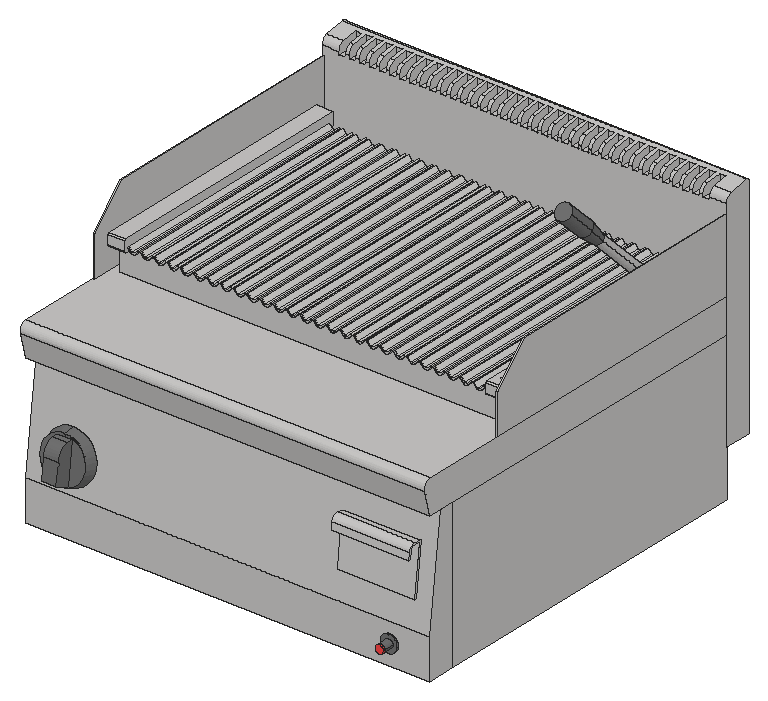
Revit family "QF_GIORIK_LTG6700", category Specialty Equipment, Revit 2014
Parameters (values of type "LTG6700")
  Weight in Pounds = 112.4356
  URL Cutsheet = "www.giorik.com"
  URL = "www.giorik.com"
  Status [instance] = ""
  Specification by User [instance] = ""
  Specification by Manufacturer = ""
  Show Logo [instance] = yes
  Show Clearance [instance] = yes
  Serial Number = ""
  Seismic Rating = ""
  SMACNA No = ""
  Revision Code [instance] = ""
  NAFEM Spec ID Number = ""
  Model = "LTG6700"
  Mechanical Remarks [instance] = "Natural Gas"
  Mechanical Connection Type [instance] = ""
  Masterspec = ""
  Manufacturer = "GIORIK"
  Item Number [instance] = ""
  Installed By [instance] = ""
  Identify Quantity as Lot [instance] = no
  Gas Size = 1"
  Gas RI Height [instance] = 0 mm
  Gas KW = 7.3
  Gas Input = 7300 W
  Gas Connection Height [instance] = 45 mm
  Furnished By [instance] = ""
  Foodservice Equipment Identifier [instance] = yes
  Description = "LAVASTONE GRILLS"
  CSI MasterFormat = ""
  Assembly Code = "E1090320"
Reference planes
  plane 1 "Back": y = 0
  plane 2: z = 0
  plane 3 "Left": x = 0
  plane 4 "Right": x = 600
  plane 5 "Front": y = -600
  plane 6 "Top": z = 430
Forms (mm)
  Extrusion 1, solid
    sketch origin (0, 1000, -580) x (0, 1, 0) y (0, 0, 1)
      loop
        line (-1040.007, 869.975) -> (-1589.445, 869.975)
        arc (-1589.445, 869.975) -> (-1598.171, 865.672) -> (-1600.069, 856.13) r 10.999
        line (-1600.069, 856.13) -> (-1590.388, 820) -> (-1040.007, 820) -> (-1040.007, 869.975)
    from 0 to 600
  Extrusion 2, solid
    sketch origin (0, 0, -560) x (0, 1, 0) y (0, 0, 1)
      loop
        line (-40.007, 800) -> (-550, 800) -> (-550, 580) -> (-40.007, 580) -> (-40.007, 800)
    from 0 to 600
  Extrusion 3, solid
    sketch origin (0, 0, -560) x (0, 1, 0) y (0, 0, 1)
      loop
        line (-550, 800) -> (-570.5, 800) -> (-590, 640) -> (-590, 580) -> (-550, 580) -> (-550, 800)
    from 0 to 600
  Revolve 4, solid
    sketch origin (75.155, -1.544, -560.03) x (0, 1, 0) y (0, 0, 1)
      loop
        line (-598.03, 706.389) -> (-594.27, 737.013) -> (-609.648, 734.852) -> (-613.772, 701.269) -> (-581.482, 697.305) -> (-580.629, 704.252) -> (-598.03, 706.389)
      axis (-581.482, 697.305) -> (-613.772, 701.269)
    angle from 0 to 360
  Extrusion 5, solid
    sketch origin (0, 0, -560) x (0, 1, 0) y (0, 0, 1)
      loop
        line (-40.007, 974.217) -> (-40.007, 650.827) -> (0, 650.827) -> (0, 988.42)
        arc (0, 988.42) -> (-0.57, 989.648) -> (-1.878, 990) r 1.6
        line (-1.878, 990) -> (-31.072, 984.852)
        arc (-31.072, 984.852) -> (-37.477, 981.162) -> (-40.007, 974.217) r 10.797
    from 0 to 600
  Extrusion 6, solid
    sketch origin (-87.831, -1.544, -560.03) x (0, 1, 0) y (0, 0, 1)
      loop
        line (-635.843, 711.553) -> (-639.647, 680.575) -> (-617.415, 671.593) -> (-610.135, 730.882) -> (-617.934, 729.786)
        arc (-617.934, 729.786) -> (-629.982, 723.708) -> (-635.843, 711.553) r 20.998
    from 151.831 to 173.831
  Extrusion 7, solid
    sketch origin (103.819, 0, -561) x (1, 0, 0) y (0, 0, 1)
      loop
        circle (-38.319, 606) r 12.5
    from 20.007 to 40.007
  Extrusion 8, void
    sketch origin (10, 0, 430) x (0, 1, 0) y (-1, 0, 0)
      loop
        line (-40.007, -25) -> (-9.931, -25) -> (-9.931, -15) -> (-40.007, -15) -> (-40.007, -25)
      loop
        line (-40.007, -40) -> (-9.931, -40) -> (-9.931, -30) -> (-40.007, -30) -> (-40.007, -40)
      loop
        line (-40.007, -55) -> (-9.931, -55) -> (-9.931, -45) -> (-40.007, -45) -> (-40.007, -55)
      loop
        line (-40.007, -70) -> (-9.931, -70) -> (-9.931, -60) -> (-40.007, -60) -> (-40.007, -70)
      loop
        line (-40.007, -85) -> (-9.931, -85) -> (-9.931, -75) -> (-40.007, -75) -> (-40.007, -85)
      loop
        line (-40.007, -100) -> (-9.931, -100) -> (-9.931, -90) -> (-40.007, -90) -> (-40.007, -100)
      loop
        line (-40.007, -115) -> (-9.931, -115) -> (-9.931, -105) -> (-40.007, -105) -> (-40.007, -115)
      loop
        line (-40.007, -130) -> (-9.931, -130) -> (-9.931, -120) -> (-40.007, -120) -> (-40.007, -130)
      loop
        line (-40.007, -145) -> (-9.931, -145) -> (-9.931, -135) -> (-40.007, -135) -> (-40.007, -145)
      loop
        line (-40.007, -160) -> (-9.931, -160) -> (-9.931, -150) -> (-40.007, -150) -> (-40.007, -160)
      loop
        line (-40.007, -175) -> (-9.931, -175) -> (-9.931, -165) -> (-40.007, -165) -> (-40.007, -175)
      loop
        line (-40.007, -190) -> (-9.931, -190) -> (-9.931, -180) -> (-40.007, -180) -> (-40.007, -190)
      loop
        line (-40.007, -205) -> (-9.931, -205) -> (-9.931, -195) -> (-40.007, -195) -> (-40.007, -205)
      loop
        line (-40.007, -220) -> (-9.931, -220) -> (-9.931, -210) -> (-40.007, -210) -> (-40.007, -220)
      loop
        line (-40.007, -235) -> (-9.931, -235) -> (-9.931, -225) -> (-40.007, -225) -> (-40.007, -235)
      loop
        line (-40.007, -250) -> (-9.931, -250) -> (-9.931, -240) -> (-40.007, -240) -> (-40.007, -250)
      loop
        line (-40.007, -265) -> (-9.931, -265) -> (-9.931, -255) -> (-40.007, -255) -> (-40.007, -265)
      loop
        line (-40.007, -280) -> (-9.931, -280) -> (-9.931, -270) -> (-40.007, -270) -> (-40.007, -280)
      loop
        line (-40.007, -295) -> (-9.931, -295) -> (-9.931, -285) -> (-40.007, -285) -> (-40.007, -295)
      loop
        line (-40.007, -310) -> (-9.931, -310) -> (-9.931, -300) -> (-40.007, -300) -> (-40.007, -310)
      loop
        line (-40.007, -325) -> (-9.931, -325) -> (-9.931, -315) -> (-40.007, -315) -> (-40.007, -325)
      loop
        line (-40.007, -340) -> (-9.931, -340) -> (-9.931, -330) -> (-40.007, -330) -> (-40.007, -340)
      loop
        line (-40.007, -355) -> (-9.931, -355) -> (-9.931, -345) -> (-40.007, -345) -> (-40.007, -355)
      loop
        line (-40.007, -370) -> (-9.931, -370) -> (-9.931, -360) -> (-40.007, -360) -> (-40.007, -370)
      loop
        line (-40.007, -385) -> (-9.931, -385) -> (-9.931, -375) -> (-40.007, -375) -> (-40.007, -385)
      loop
        line (-40.007, -400) -> (-9.931, -400) -> (-9.931, -390) -> (-40.007, -390) -> (-40.007, -400)
      loop
        line (-40.007, -415) -> (-9.931, -415) -> (-9.931, -405) -> (-40.007, -405) -> (-40.007, -415)
      loop
        line (-40.007, -430) -> (-9.931, -430) -> (-9.931, -420) -> (-40.007, -420) -> (-40.007, -430)
      loop
        line (-40.007, -445) -> (-9.931, -445) -> (-9.931, -435) -> (-40.007, -435) -> (-40.007, -445)
      loop
        line (-40.007, -460) -> (-9.931, -460) -> (-9.931, -450) -> (-40.007, -450) -> (-40.007, -460)
      loop
        line (-40.007, -475) -> (-9.931, -475) -> (-9.931, -465) -> (-40.007, -465) -> (-40.007, -475)
      loop
        line (-40.007, -490) -> (-9.931, -490) -> (-9.931, -480) -> (-40.007, -480) -> (-40.007, -490)
      loop
        line (-40.007, -505) -> (-9.931, -505) -> (-9.931, -495) -> (-40.007, -495) -> (-40.007, -505)
      loop
        line (-40.007, -520) -> (-9.931, -520) -> (-9.931, -510) -> (-40.007, -510) -> (-40.007, -520)
      loop
        line (-40.007, -535) -> (-9.931, -535) -> (-9.931, -525) -> (-40.007, -525) -> (-40.007, -535)
      loop
        line (-40.007, -550) -> (-9.931, -550) -> (-9.931, -540) -> (-40.007, -540) -> (-40.007, -550)
      loop
        line (-40.007, -565) -> (-9.931, -565) -> (-9.931, -555) -> (-40.007, -555) -> (-40.007, -565)
    from 0 to -20
  Extrusion 9, solid
    sketch origin (566.603, 15.293, -30) x (0, 1, 0) y (-1, 0, 0)
      loop
        circle (-79.293, 516.603) r 5
    from 41.965 to 50
  Revolve 10, solid
    sketch origin (50, 19.943, -600) x (0, 1, 0) y (0, 0, 1)
      loop
        line (-83.943, 611.965) -> (-94.752, 611.965) -> (-97.943, 600) -> (-83.943, 600) -> (-83.943, 611.965)
      axis (-83.943, 611.965) -> (-83.943, 600)
    angle from 0 to 360
  Extrusion 11, solid
    sketch origin (33.397, 15.293, -30) x (0, 1, 0) y (-1, 0, 0)
      loop
        circle (-79.293, -516.603) r 5
    from 41.965 to 50
  Revolve 12, solid
    sketch origin (550, 19.943, -600) x (0, 1, 0) y (0, 0, -1)
      loop
        line (-83.943, -611.965) -> (-83.943, -600) -> (-97.943, -600) -> (-94.752, -611.965) -> (-83.943, -611.965)
      axis (-83.943, -611.965) -> (-83.943, -600)
    angle from 0 to 360
  Extrusion 13, solid
    sketch origin (566.603, -459.707, -30) x (0, 1, 0) y (-1, 0, 0)
      loop
        circle (-79.293, 516.603) r 5
    from 41.965 to 50
  Revolve 14, solid
    sketch origin (50, -455.057, -600) x (0, 1, 0) y (0, 0, 1)
      loop
        line (-83.943, 611.965) -> (-94.752, 611.965) -> (-97.943, 600) -> (-83.943, 600) -> (-83.943, 611.965)
      axis (-83.943, 611.965) -> (-83.943, 600)
    angle from 0 to 360
  Extrusion 15, solid
    sketch origin (33.397, -459.707, -30) x (0, 1, 0) y (-1, 0, 0)
      loop
        circle (-79.293, -516.603) r 5
    from 41.965 to 50
  Revolve 16, solid
    sketch origin (550, -455.057, -600) x (0, 1, 0) y (0, 0, -1)
      loop
        line (-83.943, -611.965) -> (-83.943, -600) -> (-97.943, -600) -> (-94.752, -611.965) -> (-83.943, -611.965)
      axis (-83.943, -611.965) -> (-83.943, -600)
    angle from 0 to 360
  Extrusion 17, solid
    sketch origin (322.5, -693.34, -437.283) x (0, 0.992655, -0.12098) y (0, 0.12098, 0.992655)
      loop
        line (40, 640.1) -> (30, 640.1)
        arc (30, 640.1) -> (22.929, 637.171) -> (20, 630.1) r 10
        line (20, 630.1) -> (20, 620.1) -> (22, 620.1) -> (22, 630.1)
        arc (22, 630.1) -> (24.343, 635.757) -> (30, 638.1) r 8
        line (30, 638.1) -> (38, 638.1) -> (38, 565.1) -> (40, 565.1) -> (40, 640.1)
    from 137.5 to 252.5
  Extrusion 18, solid
    sketch origin (-38, 125.093, -610.025) x (0, 1, 0) y (0, 0, 1)
      loop
        line (-185, 955.091) -> (-570.2, 955.091) -> (-572.2, 953.091) -> (-572.2, 939.091) -> (-570.2, 937.091) -> (-185, 937.091) -> (-185, 955.091)
    from 45 to 70
  Extrusion 19, solid
    sketch origin (638, 125.093, -610.025) x (0, 1, 0) y (0, 0, -1)
      loop
        line (-185, -955.091) -> (-185, -937.091) -> (-570.2, -937.091) -> (-572.2, -939.091) -> (-572.2, -953.091) -> (-570.2, -955.091) -> (-185, -955.091)
    from 45 to 70
  Extrusion 20, solid
    sketch origin (-18.25, 125.093, -610.025) x (1, 0, 0) y (0, 0, 1)
      loop
        line (54.414, 946.091) -> (53, 944.677) -> (58.117, 939.56)
        arc (58.117, 939.56) -> (61.616, 938.529) -> (65.115, 939.56) r 6.455
        line (65.115, 939.56) -> (70.232, 944.677) -> (68.818, 946.091) -> (63.866, 941.139)
        arc (63.866, 941.139) -> (61.616, 940.529) -> (59.366, 941.139) r 4.455
        line (59.366, 941.139) -> (54.414, 946.091)
    from 198 to 570
  Extrusion 21, solid
    sketch origin (1.482, 125.093, -610.025) x (1, 0, 0) y (0, 0, 1)
      loop
        line (54.414, 946.091) -> (53, 944.677) -> (58.117, 939.56)
        arc (58.117, 939.56) -> (61.616, 938.529) -> (65.115, 939.56) r 6.455
        line (65.115, 939.56) -> (70.232, 944.677) -> (68.818, 946.091) -> (63.866, 941.139)
        arc (63.866, 941.139) -> (61.616, 940.529) -> (59.366, 941.139) r 4.455
        line (59.366, 941.139) -> (54.414, 946.091)
    from 198 to 570
  Extrusion 22, solid
    sketch origin (21.214, 125.093, -610.025) x (1, 0, 0) y (0, 0, 1)
      loop
        line (54.414, 946.091) -> (53, 944.677) -> (58.117, 939.56)
        arc (58.117, 939.56) -> (61.616, 938.529) -> (65.115, 939.56) r 6.455
        line (65.115, 939.56) -> (70.232, 944.677) -> (68.818, 946.091) -> (63.866, 941.139)
        arc (63.866, 941.139) -> (61.616, 940.529) -> (59.366, 941.139) r 4.455
        line (59.366, 941.139) -> (54.414, 946.091)
    from 198 to 570
  Extrusion 23, solid
    sketch origin (40.946, 125.093, -610.025) x (1, 0, 0) y (0, 0, 1)
      loop
        line (54.414, 946.091) -> (53, 944.677) -> (58.117, 939.56)
        arc (58.117, 939.56) -> (61.616, 938.529) -> (65.115, 939.56) r 6.455
        line (65.115, 939.56) -> (70.232, 944.677) -> (68.818, 946.091) -> (63.866, 941.139)
        arc (63.866, 941.139) -> (61.616, 940.529) -> (59.366, 941.139) r 4.455
        line (59.366, 941.139) -> (54.414, 946.091)
    from 198 to 570
  Extrusion 24, solid
    sketch origin (60.678, 125.093, -610.025) x (1, 0, 0) y (0, 0, 1)
      loop
        line (54.414, 946.091) -> (53, 944.677) -> (58.117, 939.56)
        arc (58.117, 939.56) -> (61.616, 938.529) -> (65.115, 939.56) r 6.455
        line (65.115, 939.56) -> (70.232, 944.677) -> (68.818, 946.091) -> (63.866, 941.139)
        arc (63.866, 941.139) -> (61.616, 940.529) -> (59.366, 941.139) r 4.455
        line (59.366, 941.139) -> (54.414, 946.091)
    from 198 to 570
  Extrusion 25, solid
    sketch origin (80.41, 125.093, -610.025) x (1, 0, 0) y (0, 0, 1)
      loop
        line (54.414, 946.091) -> (53, 944.677) -> (58.117, 939.56)
        arc (58.117, 939.56) -> (61.616, 938.529) -> (65.115, 939.56) r 6.455
        line (65.115, 939.56) -> (70.232, 944.677) -> (68.818, 946.091) -> (63.866, 941.139)
        arc (63.866, 941.139) -> (61.616, 940.529) -> (59.366, 941.139) r 4.455
        line (59.366, 941.139) -> (54.414, 946.091)
    from 198 to 570
  Extrusion 26, solid
    sketch origin (100.143, 125.093, -610.025) x (1, 0, 0) y (0, 0, 1)
      loop
        line (54.414, 946.091) -> (53, 944.677) -> (58.117, 939.56)
        arc (58.117, 939.56) -> (61.616, 938.529) -> (65.115, 939.56) r 6.455
        line (65.115, 939.56) -> (70.232, 944.677) -> (68.818, 946.091) -> (63.866, 941.139)
        arc (63.866, 941.139) -> (61.616, 940.529) -> (59.366, 941.139) r 4.455
        line (59.366, 941.139) -> (54.414, 946.091)
    from 198 to 570
  Extrusion 27, solid
    sketch origin (119.875, 125.093, -610.025) x (1, 0, 0) y (0, 0, 1)
      loop
        line (54.414, 946.091) -> (53, 944.677) -> (58.117, 939.56)
        arc (58.117, 939.56) -> (61.616, 938.529) -> (65.115, 939.56) r 6.455
        line (65.115, 939.56) -> (70.232, 944.677) -> (68.818, 946.091) -> (63.866, 941.139)
        arc (63.866, 941.139) -> (61.616, 940.529) -> (59.366, 941.139) r 4.455
        line (59.366, 941.139) -> (54.414, 946.091)
    from 198 to 570
  Extrusion 28, solid
    sketch origin (139.607, 125.093, -610.025) x (1, 0, 0) y (0, 0, 1)
      loop
        line (54.414, 946.091) -> (53, 944.677) -> (58.117, 939.56)
        arc (58.117, 939.56) -> (61.616, 938.529) -> (65.115, 939.56) r 6.455
        line (65.115, 939.56) -> (70.232, 944.677) -> (68.818, 946.091) -> (63.866, 941.139)
        arc (63.866, 941.139) -> (61.616, 940.529) -> (59.366, 941.139) r 4.455
        line (59.366, 941.139) -> (54.414, 946.091)
    from 198 to 570
  Extrusion 29, solid
    sketch origin (159.339, 125.093, -610.025) x (1, 0, 0) y (0, 0, 1)
      loop
        line (54.414, 946.091) -> (53, 944.677) -> (58.117, 939.56)
        arc (58.117, 939.56) -> (61.616, 938.529) -> (65.115, 939.56) r 6.455
        line (65.115, 939.56) -> (70.232, 944.677) -> (68.818, 946.091) -> (63.866, 941.139)
        arc (63.866, 941.139) -> (61.616, 940.529) -> (59.366, 941.139) r 4.455
        line (59.366, 941.139) -> (54.414, 946.091)
    from 198 to 570
  Extrusion 30, solid
    sketch origin (179.071, 125.093, -610.025) x (1, 0, 0) y (0, 0, 1)
      loop
        line (54.414, 946.091) -> (53, 944.677) -> (58.117, 939.56)
        arc (58.117, 939.56) -> (61.616, 938.529) -> (65.115, 939.56) r 6.455
        line (65.115, 939.56) -> (70.232, 944.677) -> (68.818, 946.091) -> (63.866, 941.139)
        arc (63.866, 941.139) -> (61.616, 940.529) -> (59.366, 941.139) r 4.455
        line (59.366, 941.139) -> (54.414, 946.091)
    from 198 to 570
  Extrusion 31, solid
    sketch origin (198.803, 125.093, -610.025) x (1, 0, 0) y (0, 0, 1)
      loop
        line (54.414, 946.091) -> (53, 944.677) -> (58.117, 939.56)
        arc (58.117, 939.56) -> (61.616, 938.529) -> (65.115, 939.56) r 6.455
        line (65.115, 939.56) -> (70.232, 944.677) -> (68.818, 946.091) -> (63.866, 941.139)
        arc (63.866, 941.139) -> (61.616, 940.529) -> (59.366, 941.139) r 4.455
        line (59.366, 941.139) -> (54.414, 946.091)
    from 198 to 570
  Extrusion 32, solid
    sketch origin (218.535, 125.093, -610.025) x (1, 0, 0) y (0, 0, 1)
      loop
        line (54.414, 946.091) -> (53, 944.677) -> (58.117, 939.56)
        arc (58.117, 939.56) -> (61.616, 938.529) -> (65.115, 939.56) r 6.455
        line (65.115, 939.56) -> (70.232, 944.677) -> (68.818, 946.091) -> (63.866, 941.139)
        arc (63.866, 941.139) -> (61.616, 940.529) -> (59.366, 941.139) r 4.455
        line (59.366, 941.139) -> (54.414, 946.091)
    from 198 to 570
  Extrusion 33, solid
    sketch origin (238.267, 125.093, -610.025) x (1, 0, 0) y (0, 0, 1)
      loop
        line (54.414, 946.091) -> (53, 944.677) -> (58.117, 939.56)
        arc (58.117, 939.56) -> (61.616, 938.529) -> (65.115, 939.56) r 6.455
        line (65.115, 939.56) -> (70.232, 944.677) -> (68.818, 946.091) -> (63.866, 941.139)
        arc (63.866, 941.139) -> (61.616, 940.529) -> (59.366, 941.139) r 4.455
        line (59.366, 941.139) -> (54.414, 946.091)
    from 198 to 570
  Extrusion 34, solid
    sketch origin (257.999, 125.093, -610.025) x (1, 0, 0) y (0, 0, 1)
      loop
        line (54.414, 946.091) -> (53, 944.677) -> (58.117, 939.56)
        arc (58.117, 939.56) -> (61.616, 938.529) -> (65.115, 939.56) r 6.455
        line (65.115, 939.56) -> (70.232, 944.677) -> (68.818, 946.091) -> (63.866, 941.139)
        arc (63.866, 941.139) -> (61.616, 940.529) -> (59.366, 941.139) r 4.455
        line (59.366, 941.139) -> (54.414, 946.091)
    from 198 to 570
  Extrusion 35, solid
    sketch origin (-10, 215.093, -610.025) x (1, 0, 0) y (0, 0, 1)
      loop
        line (23, 938.53) -> (23, 900) -> (597, 900) -> (597, 938.53) -> (23, 938.53)
    from 644 to 648
  Extrusion 36, solid
    sketch origin (-10, -720.307, -610.025) x (1, 0, 0) y (0, 0, -1)
      loop
        line (23, -938.53) -> (597, -938.53) -> (597, -900) -> (23, -900) -> (23, -938.53)
    from 631.4 to 635.4
  Extrusion 37, solid
    sketch origin (277.731, 125.093, -610.025) x (1, 0, 0) y (0, 0, 1)
      loop
        line (54.414, 946.091) -> (53, 944.677) -> (58.117, 939.56)
        arc (58.117, 939.56) -> (61.616, 938.529) -> (65.115, 939.56) r 6.455
        line (65.115, 939.56) -> (70.232, 944.677) -> (68.818, 946.091) -> (63.866, 941.139)
        arc (63.866, 941.139) -> (61.616, 940.529) -> (59.366, 941.139) r 4.455
        line (59.366, 941.139) -> (54.414, 946.091)
    from 198 to 570
  Extrusion 38, solid
    sketch origin (297.463, 125.093, -610.025) x (1, 0, 0) y (0, 0, 1)
      loop
        line (54.414, 946.091) -> (53, 944.677) -> (58.117, 939.56)
        arc (58.117, 939.56) -> (61.616, 938.529) -> (65.115, 939.56) r 6.455
        line (65.115, 939.56) -> (70.232, 944.677) -> (68.818, 946.091) -> (63.866, 941.139)
        arc (63.866, 941.139) -> (61.616, 940.529) -> (59.366, 941.139) r 4.455
        line (59.366, 941.139) -> (54.414, 946.091)
    from 198 to 570
  Extrusion 39, solid
    sketch origin (317.295, 125.093, -610.025) x (1, 0, 0) y (0, 0, 1)
      loop
        line (54.414, 946.091) -> (53, 944.677) -> (58.117, 939.56)
        arc (58.117, 939.56) -> (61.616, 938.529) -> (65.115, 939.56) r 6.455
        line (65.115, 939.56) -> (70.232, 944.677) -> (68.818, 946.091) -> (63.866, 941.139)
        arc (63.866, 941.139) -> (61.616, 940.529) -> (59.366, 941.139) r 4.455
        line (59.366, 941.139) -> (54.414, 946.091)
    from 198 to 570
  Extrusion 40, solid
    sketch origin (337.027, 125.093, -610.025) x (1, 0, 0) y (0, 0, 1)
      loop
        line (54.414, 946.091) -> (53, 944.677) -> (58.117, 939.56)
        arc (58.117, 939.56) -> (61.616, 938.529) -> (65.115, 939.56) r 6.455
        line (65.115, 939.56) -> (70.232, 944.677) -> (68.818, 946.091) -> (63.866, 941.139)
        arc (63.866, 941.139) -> (61.616, 940.529) -> (59.366, 941.139) r 4.455
        line (59.366, 941.139) -> (54.414, 946.091)
    from 198 to 570
  Extrusion 41, solid
    sketch origin (356.759, 125.093, -610.025) x (1, 0, 0) y (0, 0, 1)
      loop
        line (54.414, 946.091) -> (53, 944.677) -> (58.117, 939.56)
        arc (58.117, 939.56) -> (61.616, 938.529) -> (65.115, 939.56) r 6.455
        line (65.115, 939.56) -> (70.232, 944.677) -> (68.818, 946.091) -> (63.866, 941.139)
        arc (63.866, 941.139) -> (61.616, 940.529) -> (59.366, 941.139) r 4.455
        line (59.366, 941.139) -> (54.414, 946.091)
    from 198 to 570
  Extrusion 42, solid
    sketch origin (376.491, 125.093, -610.025) x (1, 0, 0) y (0, 0, 1)
      loop
        line (54.414, 946.091) -> (53, 944.677) -> (58.117, 939.56)
        arc (58.117, 939.56) -> (61.616, 938.529) -> (65.115, 939.56) r 6.455
        line (65.115, 939.56) -> (70.232, 944.677) -> (68.818, 946.091) -> (63.866, 941.139)
        arc (63.866, 941.139) -> (61.616, 940.529) -> (59.366, 941.139) r 4.455
        line (59.366, 941.139) -> (54.414, 946.091)
    from 198 to 570
  Extrusion 43, solid
    sketch origin (396.224, 125.093, -610.025) x (1, 0, 0) y (0, 0, 1)
      loop
        line (54.414, 946.091) -> (53, 944.677) -> (58.117, 939.56)
        arc (58.117, 939.56) -> (61.616, 938.529) -> (65.115, 939.56) r 6.455
        line (65.115, 939.56) -> (70.232, 944.677) -> (68.818, 946.091) -> (63.866, 941.139)
        arc (63.866, 941.139) -> (61.616, 940.529) -> (59.366, 941.139) r 4.455
        line (59.366, 941.139) -> (54.414, 946.091)
    from 198 to 570
  Extrusion 44, solid
    sketch origin (415.956, 125.093, -610.025) x (1, 0, 0) y (0, 0, 1)
      loop
        line (54.414, 946.091) -> (53, 944.677) -> (58.117, 939.56)
        arc (58.117, 939.56) -> (61.616, 938.529) -> (65.115, 939.56) r 6.455
        line (65.115, 939.56) -> (70.232, 944.677) -> (68.818, 946.091) -> (63.866, 941.139)
        arc (63.866, 941.139) -> (61.616, 940.529) -> (59.366, 941.139) r 4.455
        line (59.366, 941.139) -> (54.414, 946.091)
    from 198 to 570
  Extrusion 45, solid
    sketch origin (435.688, 125.093, -610.025) x (1, 0, 0) y (0, 0, 1)
      loop
        line (54.414, 946.091) -> (53, 944.677) -> (58.117, 939.56)
        arc (58.117, 939.56) -> (61.616, 938.529) -> (65.115, 939.56) r 6.455
        line (65.115, 939.56) -> (70.232, 944.677) -> (68.818, 946.091) -> (63.866, 941.139)
        arc (63.866, 941.139) -> (61.616, 940.529) -> (59.366, 941.139) r 4.455
        line (59.366, 941.139) -> (54.414, 946.091)
    from 198 to 570
  Extrusion 46, solid
    sketch origin (455.42, 125.093, -610.025) x (1, 0, 0) y (0, 0, 1)
      loop
        line (54.414, 946.091) -> (53, 944.677) -> (58.117, 939.56)
        arc (58.117, 939.56) -> (61.616, 938.529) -> (65.115, 939.56) r 6.455
        line (65.115, 939.56) -> (70.232, 944.677) -> (68.818, 946.091) -> (63.866, 941.139)
        arc (63.866, 941.139) -> (61.616, 940.529) -> (59.366, 941.139) r 4.455
        line (59.366, 941.139) -> (54.414, 946.091)
    from 198 to 570
  Extrusion 47, solid
    sketch origin (475.152, 125.093, -610.025) x (1, 0, 0) y (0, 0, 1)
      loop
        line (54.414, 946.091) -> (53, 944.677) -> (58.117, 939.56)
        arc (58.117, 939.56) -> (61.616, 938.529) -> (65.115, 939.56) r 6.455
        line (65.115, 939.56) -> (70.232, 944.677) -> (68.818, 946.091) -> (63.866, 941.139)
        arc (63.866, 941.139) -> (61.616, 940.529) -> (59.366, 941.139) r 4.455
        line (59.366, 941.139) -> (54.414, 946.091)
    from 198 to 570
  Extrusion 48, solid
    sketch origin (494.884, 125.093, -610.025) x (1, 0, 0) y (0, 0, 1)
      loop
        line (54.414, 946.091) -> (53, 944.677) -> (58.117, 939.56)
        arc (58.117, 939.56) -> (61.616, 938.529) -> (65.115, 939.56) r 6.455
        line (65.115, 939.56) -> (70.232, 944.677) -> (68.818, 946.091) -> (63.866, 941.139)
        arc (63.866, 941.139) -> (61.616, 940.529) -> (59.366, 941.139) r 4.455
        line (59.366, 941.139) -> (54.414, 946.091)
    from 198 to 570
  Extrusion 49, solid
    sketch origin (-35, 127.993, -610.025) x (0, 1, 0) y (0, 0, 1)
      loop
        line (-168, 900) -> (-168, 1010) -> (-543, 1010) -> (-593, 960) -> (-593, 900) -> (-168, 900)
    from 35 to 37
  Extrusion 50, solid
    sketch origin (635, 127.993, -610.025) x (0, 1, 0) y (0, 0, -1)
      loop
        line (-168, -900) -> (-593, -900) -> (-593, -960) -> (-543, -1010) -> (-168, -1010) -> (-168, -900)
    from 35 to 37
  Extrusion 51, solid
    sketch origin (501.298, -565.763, -661.695) x (1, 0, 0) y (0, 0.001091, 0.999999)
      loop
        circle (38.702, 711.666) r 12.5
    from 25 to 27
  Extrusion 52, solid
    sketch origin (-224.91, -592.77, -668.088) x (1, 0, 0) y (0, 0.001091, 0.999999)
      loop
        circle (764.91, 718.089) r 6
    from 0 to 15
  Extrusion 53, solid
    sketch origin (-224.91, -593.932, -668.087) x (1, 0, 0) y (0, 0.001091, 0.999999)
      loop
        circle (764.91, 718.089) r 6
    from 13.838 to 15.838
  Blend 54, solid
    base sketch origin (657.097, -428.169, -777.64) x (-1, 0, 0) y (0, -0.706822, -0.707392)
      loop
        circle (76.097, -994.319) r 8
    top sketch origin (657.097, -428.169, -777.64) x (-1, 0, 0) y (0, -0.706822, -0.707392)
      loop
        circle (76.097, -994.319) r 12
    from 750.092 to 785.1
  Extrusion 55, solid
    sketch origin (669.097, -437.539, -784.437) x (-1, 0, 0) y (0, -0.706822, -0.707392)
      loop
        circle (88.097, -1005.786) r 12
    from 783.275 to 836.3
  Extrusion 56, solid
    sketch origin (-277.12, -8.411, 632.76) x (0, 0.707107, 0.707107) y (-1, 0, 0)
      loop
        circle (-300.112, -857.92) r 8
    from -115.906 to 50
Cuts and joins
  Extrusion 8 cuts Extrusion 5
Lines and regions (mm)
  symbolic lines, style "200-EquipBorder-2D"
    curve 1: line (600, 0, 0) -> (0, 0, 0)
    curve 2: line (0, 0, 0) -> (0, -600, 0)
    curve 115: line (600, -600, 430) -> (600, 0, 430)
    curve 235: spline (64, -619.202, 990) -> (60.789, -619.041, 990) -> (57.73, -618.841, 990) -> (54.856, -618.604, 990) -> (52.196, -618.332, 990) -> (49.779, -618.028, 990) -> (47.63, -617.696, 990) -> (45.772, -617.338, 990) -> (44.225, -616.96, 990) -> (43.004, -616.563, 990) -> (42.122, -616.154, 990) -> (41.59, -615.736, 990) -> (41.412, -615.313, 990)
    curve 236: spline (109.073, -615.408, 990) -> (108.819, -615.826, 990) -> (108.218, -616.239, 990) -> (107.275, -616.643, 990) -> (106.001, -617.033, 990) -> (104.408, -617.405, 990) -> (102.513, -617.755, 990) -> (100.336, -618.08, 990) -> (97.898, -618.376, 990) -> (95.227, -618.641, 990) -> (92.348, -618.871, 990) -> (89.293, -619.065, 990) -> (86.091, -619.219, 990)
    curve 237: line (41.412, -615.313, 990) -> (37.28, -600, 990)
    curve 238: line (109.073, -615.408, 990) -> (113.114, -600, 990)
    curve 239: line (64, -641.19, 430) -> (64, -611.679, 430)
    curve 240: line (64, -641.19, 430) -> (86, -641.19, 430)
    curve 241: line (86, -641.19, 430) -> (86, -611.679, 430)
    curve 242: line (534, -609.014, 430) -> (534, -600, 430)
    curve 243: line (534, -609.014, 430) -> (546, -609.014, 430)
    curve 244: line (546, -609.014, 430) -> (546, -600, 430)
    curve 245: spline (41.412, -615.313, 430) -> (42.564, -614.264, 430) -> (45.941, -613.286, 430) -> (51.314, -612.446, 430) -> (58.316, -611.802, 430) -> (66.47, -611.396, 430) -> (75.22, -611.258, 430) -> (83.97, -611.396, 430) -> (92.124, -611.802, 430) -> (99.126, -612.446, 430) -> (104.499, -613.286, 430) -> (107.877, -614.264, 430) -> (109.029, -615.313, 430)
    curve 246: line (64, -611.679, 430) -> (86, -611.679, 430)
    curve 247: line (600, -600, 430) -> (0, -600, 430)
  symbolic lines, style "200-EquipInternal-2D"
    curve 3: line (600, -40.007, 430) -> (0, -40.007, 430)
    curve 4: line (25, -9.931, 290) -> (25, -40.007, 290)
    curve 5: line (35, -40.007, 290) -> (35, -9.931, 290)
    curve 6: line (40, -9.931, 290) -> (40, -40.007, 290)
    curve 7: line (50, -40.007, 290) -> (50, -9.931, 290)
    curve 8: line (55, -9.931, 290) -> (55, -40.007, 290)
    curve 9: line (65, -40.007, 290) -> (65, -9.931, 290)
    curve 10: line (85, -9.931, 290) -> (85, -40.007, 290)
    curve 11: line (95, -40.007, 290) -> (95, -9.931, 290)
    curve 12: line (100, -9.931, 290) -> (100, -40.007, 290)
    curve 13: line (110, -40.007, 290) -> (110, -9.931, 290)
    curve 14: line (140, -40.007, 290) -> (140, -9.931, 290)
    curve 15: line (130, -9.931, 290) -> (130, -40.007, 290)
    curve 16: line (155, -40.007, 290) -> (155, -9.931, 290)
    curve 17: line (160, -9.931, 290) -> (160, -40.007, 290)
    curve 18: line (170, -40.007, 290) -> (170, -9.931, 290)
    curve 19: line (145, -9.931, 290) -> (145, -40.007, 290)
    curve 20: line (200, -40.007, 290) -> (200, -9.931, 290)
    curve 21: line (190, -9.931, 290) -> (190, -40.007, 290)
    curve 22: line (205, -9.931, 290) -> (205, -40.007, 290)
    curve 23: line (215, -40.007, 290) -> (215, -9.931, 290)
    curve 24: line (220, -9.931, 290) -> (220, -40.007, 290)
    curve 25: line (230, -40.007, 290) -> (230, -9.931, 290)
    curve 26: line (250, -9.931, 290) -> (250, -40.007, 290)
    curve 27: line (260, -40.007, 290) -> (260, -9.931, 290)
    curve 28: line (265, -9.931, 290) -> (265, -40.007, 290)
    curve 29: line (275, -40.007, 290) -> (275, -9.931, 290)
    curve 30: line (280, -9.931, 290) -> (280, -40.007, 290)
    curve 31: line (290, -40.007, 290) -> (290, -9.931, 290)
    curve 32: line (320, -40.007, 290) -> (320, -9.931, 290)
    curve 33: line (310, -9.931, 290) -> (310, -40.007, 290)
    curve 34: line (335, -40.007, 290) -> (335, -9.931, 290)
    curve 35: line (325, -9.931, 290) -> (325, -40.007, 290)
    curve 36: line (340, -9.931, 290) -> (340, -40.007, 290)
    curve 37: line (350, -40.007, 290) -> (350, -9.931, 290)
    curve 38: line (370, -9.931, 290) -> (370, -40.007, 290)
    curve 39: line (380, -40.007, 290) -> (380, -9.931, 290)
    curve 40: line (385, -9.931, 290) -> (385, -40.007, 290)
    curve 41: line (395, -9.931, 290) -> (385, -9.931, 290)
    curve 42: line (380, -9.931, 290) -> (370, -9.931, 290)
    curve 43: line (350, -9.931, 290) -> (340, -9.931, 290)
    curve 44: line (335, -9.931, 290) -> (325, -9.931, 290)
    curve 45: line (320, -9.931, 290) -> (310, -9.931, 290)
    curve 46: line (275, -9.931, 290) -> (265, -9.931, 290)
    curve 47: line (110, -9.931, 290) -> (100, -9.931, 290)
    curve 48: line (95, -9.931, 290) -> (85, -9.931, 290)
    curve 49: line (65, -9.931, 290) -> (55, -9.931, 290)
    curve 50: line (35, -9.931, 290) -> (25, -9.931, 290)
    curve 51: line (140, -9.931, 290) -> (130, -9.931, 290)
    curve 52: line (155, -9.931, 290) -> (145, -9.931, 290)
    curve 53: line (170, -9.931, 290) -> (160, -9.931, 290)
    curve 54: line (200, -9.931, 290) -> (190, -9.931, 290)
    curve 55: line (215, -9.931, 290) -> (205, -9.931, 290)
    curve 56: line (230, -9.931, 290) -> (220, -9.931, 290)
    curve 57: line (260, -9.931, 290) -> (250, -9.931, 290)
    curve 58: line (50, -9.931, 290) -> (40, -9.931, 290)
    curve 59: line (70, -9.931, 430) -> (70, -40.007, 430)
    curve 60: line (80, -40.007, 430) -> (80, -9.931, 430)
    curve 61: line (80, -9.931, 430) -> (70, -9.931, 430)
    curve 62: line (115, -9.931, 430) -> (115, -40.007, 430)
    curve 63: line (125, -40.007, 430) -> (125, -9.931, 430)
    curve 64: line (125, -9.931, 430) -> (115, -9.931, 430)
    curve 65: line (175, -9.931, 430) -> (175, -40.007, 430)
    curve 66: line (185, -40.007, 430) -> (185, -9.931, 430)
    curve 67: line (185, -9.931, 430) -> (175, -9.931, 430)
    curve 68: line (235, -9.931, 430) -> (235, -40.007, 430)
    curve 69: line (245, -40.007, 430) -> (245, -9.931, 430)
    curve 70: line (245, -9.931, 430) -> (235, -9.931, 430)
    curve 71: line (290, -9.931, 430) -> (280, -9.931, 430)
    curve 72: line (305, -9.931, 430) -> (295, -9.931, 430)
    curve 73: line (295, -9.931, 430) -> (295, -40.007, 430)
    curve 74: line (305, -40.007, 430) -> (305, -9.931, 430)
    curve 75: line (355, -9.931, 430) -> (355, -40.007, 430)
    curve 76: line (365, -40.007, 430) -> (365, -9.931, 430)
    curve 77: line (365, -9.931, 430) -> (355, -9.931, 430)
    curve 78: line (395, -40.007, 430) -> (395, -9.931, 430)
    curve 79: line (400, -9.931, 430) -> (400, -40.007, 430)
    curve 80: line (410, -40.007, 430) -> (410, -9.931, 430)
    curve 81: line (410, -9.931, 430) -> (400, -9.931, 430)
    curve 82: line (425, -9.931, 430) -> (415, -9.931, 430)
    curve 83: line (415, -9.931, 430) -> (415, -40.007, 430)
    curve 84: line (425, -40.007, 430) -> (425, -9.931, 430)
    curve 85: line (430, -9.931, 430) -> (430, -40.007, 430)
    curve 86: line (440, -40.007, 430) -> (440, -9.931, 430)
    curve 87: line (440, -9.931, 430) -> (430, -9.931, 430)
    curve 88: line (445, -9.931, 430) -> (445, -40.007, 430)
    curve 89: line (455, -40.007, 430) -> (455, -9.931, 430)
    curve 90: line (460, -9.931, 430) -> (460, -40.007, 430)
    curve 91: line (470, -40.007, 430) -> (470, -9.931, 430)
    curve 92: line (475, -9.931, 430) -> (475, -40.007, 430)
    curve 93: line (485, -40.007, 430) -> (485, -9.931, 430)
    curve 94: line (490, -9.931, 430) -> (490, -40.007, 430)
    curve 95: line (500, -40.007, 430) -> (500, -9.931, 430)
    curve 96: line (505, -9.931, 430) -> (505, -40.007, 430)
    curve 97: line (515, -40.007, 430) -> (515, -9.931, 430)
    curve 98: line (520, -9.931, 430) -> (520, -40.007, 430)
    curve 99: line (530, -40.007, 430) -> (530, -9.931, 430)
    curve 100: line (535, -9.931, 430) -> (535, -40.007, 430)
    curve 101: line (545, -40.007, 430) -> (545, -9.931, 430)
    curve 102: line (550, -9.931, 430) -> (550, -40.007, 430)
    curve 103: line (560, -40.007, 430) -> (560, -9.931, 430)
    curve 104: line (565, -9.931, 430) -> (565, -40.007, 430)
    curve 105: line (455, -9.931, 430) -> (445, -9.931, 430)
    curve 106: line (470, -9.931, 430) -> (460, -9.931, 430)
    curve 107: line (485, -9.931, 430) -> (475, -9.931, 430)
    curve 108: line (500, -9.931, 430) -> (490, -9.931, 430)
    curve 109: line (515, -9.931, 430) -> (505, -9.931, 430)
    curve 110: line (530, -9.931, 430) -> (520, -9.931, 430)
    curve 111: line (545, -9.931, 430) -> (535, -9.931, 430)
    curve 112: line (560, -9.931, 430) -> (550, -9.931, 430)
    curve 113: line (575, -9.931, 430) -> (565, -9.931, 430)
    curve 114: line (575, -40.007, 430) -> (575, -9.931, 430)
    curve 116: line (2, -465.007, 430) -> (2, -40.007, 430)
    curve 117: line (32, -59.907, 430) -> (7, -59.907, 430)
    curve 118: line (0, -465.007, 430) -> (2, -465.007, 430)
    curve 119: line (7, -447.107, 430) -> (32, -447.107, 430)
    curve 120: line (32, -447.107, 430) -> (32, -59.907, 430)
    curve 121: line (7, -59.907, 430) -> (7, -447.107, 430)
    curve 122: line (34.75, -444.907, 430) -> (51.982, -444.907, 430)
    curve 123: line (54.482, -444.907, 430) -> (71.714, -444.907, 430)
    curve 124: line (74.214, -444.907, 430) -> (91.446, -444.907, 430)
    curve 125: line (93.946, -444.907, 430) -> (111.178, -444.907, 430)
    curve 126: line (113.678, -444.907, 430) -> (130.91, -444.907, 430)
    curve 127: line (133.41, -444.907, 430) -> (150.642, -444.907, 430)
    curve 128: line (153.143, -444.907, 430) -> (170.375, -444.907, 430)
    curve 129: line (172.875, -444.907, 430) -> (190.107, -444.907, 430)
    curve 130: line (192.607, -444.907, 430) -> (209.839, -444.907, 430)
    curve 131: line (212.339, -444.907, 430) -> (229.571, -444.907, 430)
    curve 132: line (232.071, -444.907, 430) -> (249.303, -444.907, 430)
    curve 133: line (251.803, -444.907, 430) -> (269.035, -444.907, 430)
    curve 134: line (271.535, -444.907, 430) -> (288.767, -444.907, 430)
    curve 135: line (291.267, -444.907, 430) -> (308.499, -444.907, 430)
    curve 136: line (310.999, -444.907, 430) -> (328.231, -444.907, 430)
    curve 137: line (330.731, -444.907, 430) -> (347.963, -444.907, 430)
    curve 138: line (350.463, -444.907, 430) -> (367.695, -444.907, 430)
    curve 139: line (370.295, -444.907, 430) -> (387.527, -444.907, 430)
    curve 140: line (390.027, -444.907, 430) -> (407.259, -444.907, 430)
    curve 141: line (409.759, -444.907, 430) -> (426.991, -444.907, 430)
    curve 142: line (429.491, -444.907, 430) -> (446.723, -444.907, 430)
    curve 143: line (449.224, -444.907, 430) -> (466.456, -444.907, 430)
    curve 144: line (468.956, -444.907, 430) -> (486.188, -444.907, 430)
    curve 145: line (488.688, -444.907, 430) -> (505.92, -444.907, 430)
    curve 146: line (508.42, -444.907, 430) -> (525.652, -444.907, 430)
    curve 147: line (528.152, -444.907, 430) -> (545.384, -444.907, 430)
    curve 148: line (547.884, -444.907, 430) -> (565.116, -444.907, 430)
    curve 149: line (568, -447.107, 430) -> (593, -447.107, 430)
    curve 150: line (568, -59.907, 430) -> (568, -447.107, 430)
    curve 151: line (593, -447.107, 430) -> (593, -59.907, 430)
    curve 152: line (565.116, -72.907, 430) -> (565.116, -444.907, 430)
    curve 153: line (547.884, -72.907, 430) -> (547.884, -444.907, 430)
    curve 154: line (545.384, -72.907, 430) -> (545.384, -444.907, 430)
    curve 155: line (528.152, -72.907, 430) -> (528.152, -444.907, 430)
    curve 156: line (525.652, -72.907, 430) -> (525.652, -444.907, 430)
    curve 157: line (508.42, -72.907, 430) -> (508.42, -444.907, 430)
    curve 158: line (505.92, -72.907, 430) -> (505.92, -444.907, 430)
    curve 159: line (488.688, -72.907, 430) -> (488.688, -444.907, 430)
    curve 160: line (486.188, -72.907, 430) -> (486.188, -444.907, 430)
    curve 161: line (468.956, -72.907, 430) -> (468.956, -444.907, 430)
    curve 162: line (466.456, -72.907, 430) -> (466.456, -444.907, 430)
    curve 163: line (449.224, -72.907, 430) -> (449.224, -444.907, 430)
    curve 164: line (446.723, -72.907, 430) -> (446.723, -444.907, 430)
    curve 165: line (429.491, -72.907, 430) -> (429.491, -444.907, 430)
    curve 166: line (426.991, -72.907, 430) -> (426.991, -444.907, 430)
    curve 167: line (409.759, -72.907, 430) -> (409.759, -444.907, 430)
    curve 168: line (407.259, -72.907, 430) -> (407.259, -444.907, 430)
    curve 169: line (390.027, -72.907, 430) -> (390.027, -444.907, 430)
    curve 170: line (387.527, -72.907, 430) -> (387.527, -444.907, 430)
    curve 171: line (370.295, -72.907, 430) -> (370.295, -444.907, 430)
    curve 172: line (367.695, -72.907, 430) -> (367.695, -444.907, 430)
    curve 173: line (350.463, -72.907, 430) -> (350.463, -444.907, 430)
    curve 174: line (347.963, -72.907, 430) -> (347.963, -444.907, 430)
    curve 175: line (330.731, -72.907, 430) -> (330.731, -444.907, 430)
    curve 176: line (328.231, -72.907, 430) -> (328.231, -444.907, 430)
    curve 177: line (310.999, -72.907, 430) -> (310.999, -444.907, 430)
    curve 178: line (308.499, -72.907, 430) -> (308.499, -444.907, 430)
    curve 179: line (291.267, -72.907, 430) -> (291.267, -444.907, 430)
    curve 180: line (288.767, -72.907, 430) -> (288.767, -444.907, 430)
    curve 181: line (271.535, -72.907, 430) -> (271.535, -444.907, 430)
    curve 182: line (269.035, -72.907, 430) -> (269.035, -444.907, 430)
    curve 183: line (251.803, -72.907, 430) -> (251.803, -444.907, 430)
    curve 184: line (249.303, -72.907, 430) -> (249.303, -444.907, 430)
    curve 185: line (232.071, -72.907, 430) -> (232.071, -444.907, 430)
    curve 186: line (229.571, -72.907, 430) -> (229.571, -444.907, 430)
    curve 187: line (212.339, -72.907, 430) -> (212.339, -444.907, 430)
    curve 188: line (209.839, -72.907, 430) -> (209.839, -444.907, 430)
    curve 189: line (192.607, -72.907, 430) -> (192.607, -444.907, 430)
    curve 190: line (190.107, -72.907, 430) -> (190.107, -444.907, 430)
    curve 191: line (172.875, -72.907, 430) -> (172.875, -444.907, 430)
    curve 192: line (170.375, -72.907, 430) -> (170.375, -444.907, 430)
    curve 193: line (153.143, -72.907, 430) -> (153.143, -444.907, 430)
    curve 194: line (150.642, -72.907, 430) -> (150.642, -444.907, 430)
    curve 195: line (133.41, -72.907, 430) -> (133.41, -444.907, 430)
    curve 196: line (130.91, -72.907, 430) -> (130.91, -444.907, 430)
    curve 197: line (113.678, -72.907, 430) -> (113.678, -444.907, 430)
    curve 198: line (111.178, -72.907, 430) -> (111.178, -444.907, 430)
    curve 199: line (93.946, -72.907, 430) -> (93.946, -444.907, 430)
    curve 200: line (91.446, -72.907, 430) -> (91.446, -444.907, 430)
    curve 201: line (74.214, -72.907, 430) -> (74.214, -444.907, 430)
    curve 202: line (71.714, -72.907, 430) -> (71.714, -444.907, 430)
    curve 203: line (54.482, -72.907, 430) -> (54.482, -444.907, 430)
    curve 204: line (51.982, -72.907, 430) -> (51.982, -444.907, 430)
    curve 205: line (34.75, -72.907, 430) -> (34.75, -444.907, 430)
    curve 206: line (51.982, -72.907, 430) -> (34.75, -72.907, 430)
    curve 207: line (71.714, -72.907, 430) -> (54.482, -72.907, 430)
    curve 208: line (91.446, -72.907, 430) -> (74.214, -72.907, 430)
    curve 209: line (111.178, -72.907, 430) -> (93.946, -72.907, 430)
    curve 210: line (130.91, -72.907, 430) -> (113.678, -72.907, 430)
    curve 211: line (150.642, -72.907, 430) -> (133.41, -72.907, 430)
    curve 212: line (170.375, -72.907, 430) -> (153.143, -72.907, 430)
    curve 213: line (190.107, -72.907, 430) -> (172.875, -72.907, 430)
    curve 214: line (209.839, -72.907, 430) -> (192.607, -72.907, 430)
    curve 215: line (229.571, -72.907, 430) -> (212.339, -72.907, 430)
    curve 216: line (249.303, -72.907, 430) -> (232.071, -72.907, 430)
    curve 217: line (269.035, -72.907, 430) -> (251.803, -72.907, 430)
    curve 218: line (288.767, -72.907, 430) -> (271.535, -72.907, 430)
    curve 219: line (308.499, -72.907, 430) -> (291.267, -72.907, 430)
    curve 220: line (328.231, -72.907, 430) -> (310.999, -72.907, 430)
    curve 221: line (347.963, -72.907, 430) -> (330.731, -72.907, 430)
    curve 222: line (367.695, -72.907, 430) -> (350.463, -72.907, 430)
    curve 223: line (387.527, -72.907, 430) -> (370.295, -72.907, 430)
    curve 224: line (407.259, -72.907, 430) -> (390.027, -72.907, 430)
    curve 225: line (426.991, -72.907, 430) -> (409.759, -72.907, 430)
    curve 226: line (446.723, -72.907, 430) -> (429.491, -72.907, 430)
    curve 227: line (466.456, -72.907, 430) -> (449.224, -72.907, 430)
    curve 228: line (486.188, -72.907, 430) -> (468.956, -72.907, 430)
    curve 229: line (505.92, -72.907, 430) -> (488.688, -72.907, 430)
    curve 230: line (525.652, -72.907, 430) -> (508.42, -72.907, 430)
    curve 231: line (545.384, -72.907, 430) -> (528.152, -72.907, 430)
    curve 232: line (565.116, -72.907, 430) -> (547.884, -72.907, 430)
    curve 233: line (593, -59.907, 430) -> (568, -59.907, 430)
    curve 234: line (598, -40.007, 430) -> (598, -465.007, 430)
Dimensions and locks
  plane 3 "Left" to plane 4 "Right" = 600 mm
  plane 5 "Front" to plane 1 "Back" = 600 mm
  plane 4 "Right" to plane 3 "Left" = 600 mm
  plane 1 "Back" to plane 5 "Front" = 600 mm
  plane 6 "Top" to level = 430 mm  (x2)
  aligned and locked: level to plane 2
Connectors
  piping at (65.5, -20.007, 45), diameter 25.4, driven by "Gas Size"
    settings: on Extrusion 7, index 1, connector inside diameter 24", connector length 0 mm, flow factor 0, pipe flow 0.0 L/s, pressure drop 0.0 Pa, fitting loss kfactor 0, connector angle 0.00°, fixture units 0, engagement length 0 mm, angle of deflection 0.00°, flow configuration 1, flow direction 1, fitting loss method 0, system type 22, joint type 0, gender type 0, connector reference index -1, connector utility 0, adjustable connector no, is connector primary yes, connector description "Gas inlet"
